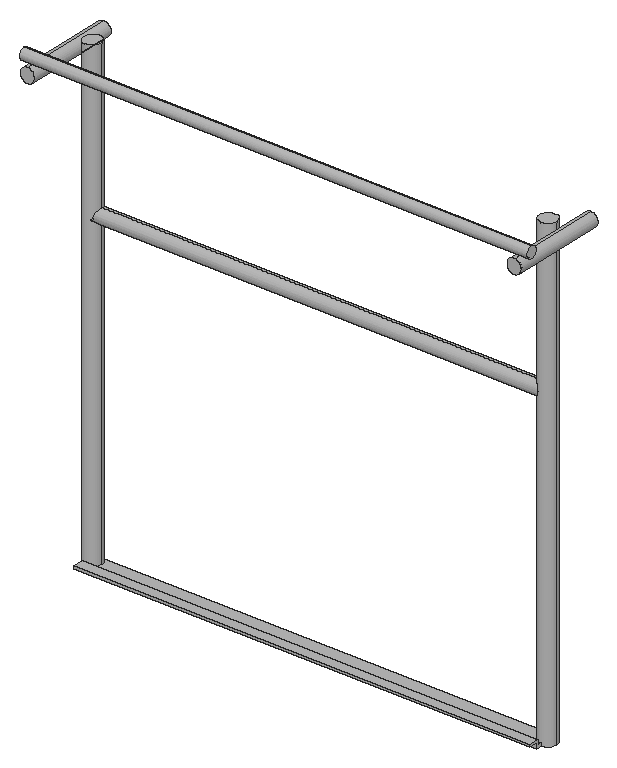
Revit family "WashbasinUnit-Vitra-EqualSeries-64079", category Furniture Systems, host Face, Revit 2017
Family settings
  Host = Face
  Round Connector Dimension = Use Diameter
  Part Type = Normal
  OmniClass Number = 23.40.00.00
  OmniClass Title = Equipment and Furnishings
  Cut with Voids When Loaded = No
  Shared = Yes
  Room Calculation Point = No
Parameters (values of type "WashbasinUnit-40cm-Vitra-EqualSeries_64079")
  Youtube = "https://www.youtube.com/user/VitrAglobal"
  Width = 468 mm
  Weight Net (kg) = "31,200"
  Warranty Period (Year) = "2"
  Uniformat II Description = "FURNISHINGS"
  Uniformat II Code = "E20"
  Uniclass 2015 Name = "Wash basins, sinks and troughs"
  Uniclass 2015 Code = "Pr_40_20_93"
  Uniclass 2.0 Description = "Bathroom Cabinets"
  Uniclass 1.4 Description = "Bathroom Cabinets"
  Uniclass 2.0 Code = "PR-35-75-08"
  Uniclass 1.4 Code = "L8241"
  URL = "https://vitraglobal.com/"
  UNSPSC Description = "Bathroom Cabinets"
  UNSPSC Code = "301815"
  Thrid Material = Vitra-AmericanValnut
  Technical description = "https://www.vitra.com.tr/pdf/64079/"
  Tap hole Options (default) = ""
  Specification = ""
  Secondary Material = Vitra-Crome
  Region South America = "All"
  Region Oceania = "All"
  Region North America = "All"
  Region Middle East = "All"
  Region Europe = "All"
  Region Asia = "All"
  Region Antarctica = "All"
  Region Africa = "All"
  Product group = "Washbasin Unit"
  Product family = "Equal"
  Product data url = "https://www.vitraglobal.com/bathroom-furniture/washbasin-unit/free/equal-washbasin-unit-40-cm-with-towel-holder-sku-64079"
  Product certification = "https://vitraglobal.com/catalogues/quality-certificates"
  Product SKU = "64079"
  Product Guid = ""
  Primary Material = Vitra-Crome
  OmniClass Description = "Bathroom Cabinets"
  OmniClass Code = "23-31 25 13"
  Nominal width = "0.000"
  Nominal height = "0.000"
  NBS Referans Description = "Bathroom Cabinets"
  NBS Referans Code = "35-75-08"
  Model = "64079"
  Masterformat 2014 Description = "Bathroom Unit Modules"
  Masterformat 2014 Code = "13 42 13"
  Manufacturer name = "Vitra"
  Manufacturer = "Vitra"
  Installation instructions = ""
  IFC Classification = "Furniture"
  Height = 88 mm
  Design country = "Turkey"
  Description = "Equal Washbasin Unit, 40 cm, with Towel Holder"
  Depth = 440 mm
  Default Elevation = 580 mm
  Construction Type = "Face Mounted"
  Color = ""
  COBIe Type Category = ""
  BIMobject category = "Bathroom compound units"
  Article No. (default) = "64079"
  Accessories (default) = ""
Types (4, lengths in mm): name | Width | Weight Net (kg) | Technical description | Product data url | Product SKU | Model | Description | Article No. (default)
  (no name) | 468 | "31,200" | "https://www.vitra.com.tr/pdf/64079/" | "https://www.vitraglobal.com/bathroom-furniture/washbasin-unit/free/equal-washbasin-unit-40-cm-with-towel-holder-sku-64079" | "64079" | "64079" | "Equal Washbasin Unit, 40 cm, with Towel Holder" | "64079"
  WashbasinUnit-40cm-Vitra-EqualSeries_64079 | 468 | "31,200" | "https://www.vitra.com.tr/pdf/64079/" | "https://www.vitraglobal.com/bathroom-furniture/washbasin-unit/free/equal-washbasin-unit-40-cm-with-towel-holder-sku-64079" | "64079" | "64079" | "Equal Washbasin Unit, 40 cm, with Towel Holder" | "64079"
  WashbasinUnit-80cm-Vitra-EqualSeries_64083 | 838 | "32" | "https://www.vitraglobal.com/bathroom-furniture/washbasin-unit/free/equal-washbasin-unit-80-cm-with-towel-holder-sku-64083/print" | "https://www.vitraglobal.com/bathroom-furniture/washbasin-unit/free/equal-washbasin-unit-80-cm-with-towel-holder-sku-64083" | "64083" | "64083" | "Equal Washbasin Unit, 80 cm, with Towel Holder" | "64083"
  WashbasinUnit-60cm-Vitra-EqualSeries_64081 | 638 | "24" | "https://www.vitraglobal.com/bathroom-furniture/washbasin-unit/free/equal-washbasin-unit-60-cm-with-towel-holder-sku-64081/print" | "https://www.vitraglobal.com/bathroom-furniture/washbasin-unit/free/equal-washbasin-unit-60-cm-with-towel-holder-sku-64081" | "64081" | "64081" | "Equal Washbasin Unit, 60 cm, with Towel Holder" | "64081"
Reference planes
  plane 1 "Center (Front/Back)": y = 0
  plane 2: z = -0.016
  plane 3 "Center (Left/Right)": x = 0.445
  plane 4: x = -233.925
  plane 5: y = 52.868
  plane 6: y = -35.132
  plane 7: z = 439.984
  plane 8: x = 234.075
  plane 9: x = 224.575
  plane 10: x = -233.925
  plane 11: x = -224.425
  plane 12: x = -209.925
  plane 13: x = -209.925
Forms (mm)
  Extrusion 1, solid, material "Vitra-Crome" <- "Primary Material"
    sketch origin (-35.925, -31.18, 434.187) x (0, 0, -1) y (0, 1, 0)
      loop
        circle (0, 4.048) r 5
    from 270 to -198
  Extrusion 2, solid, material "Vitra-Crome" <- "Primary Material"
    sketch origin (-59.925, 28.368, 1.187) x (0, -1, 0) y (0, 0, -1)
      loop
        line (18, -5.5) -> (28, -5.5) -> (28, -3.5) -> (20, -3.5) -> (20, 1) -> (0, 1) -> (0, -1) -> (18, -1) -> (18, -5.5)
    from 270 to -150
  Extrusion 3, solid, material "Vitra-Crome" <- "Primary Material"
    sketch origin (-102.863, 35.464, 366.187) x (0, 0, 1) y (0, 1, 0)
      loop
        circle (-76, -13.597) r 6.5
    from -313.534 to 105.529
  Extrusion 4, solid, material "Vitra-Crome" <- "Primary Material"
    sketch origin (319.009, 52.868, 422.687) x (1, 0, 0) y (0, 0, -1)
      loop
        circle (-543.434, 0) r 6.5
    from 0 to -88
  Extrusion 5, solid, material "Vitra-Crome" <- "Primary Material"
    sketch origin (-50.991, 52.868, 422.687) x (1, 0, 0) y (0, 0, -1)
      loop
        circle (275.566, 0) r 6.5
    from 0 to -88
  Extrusion 6, solid, material "Vitra-Crome" <- "Primary Material"
    sketch origin (630.047, 14.784, 432.187) x (-1, 0, 0) y (0, -1, 0)
      loop
        circle (420, -7.084) r 8
    from 0 to -432
  Extrusion 7, solid, material "Vitra-Crome" <- "Primary Material"
    sketch origin (378.2, 14.784, 432.187) x (-1, 0, 0) y (0, -1, 0)
      loop
        circle (588, -7.084) r 8
    from 0 to -432
Dimensions and locks
  "Height": plane 5 to plane 6
  "Depth": plane 7 to host face
  locked: plane 8 to plane 9 at 9.5
  locked: Extrusion 3 to plane 8 at 23.403
  locked: Extrusion 2 to plane 8 at 24
  "Width": plane 10 to plane 8
  locked: plane 10 to Extrusion 3 at 25.534
  locked: plane 10 to plane 11 at 9.5
  locked: plane 10 to Extrusion 2 at 24
  locked: plane 10 to plane 12 at 24
  locked: Extrusion 1 to plane 13 at 24
  aligned and locked: plane 2 to host face
  aligned and locked: level to host face
  aligned and locked: plane 8 to Extrusion 1
  aligned and locked: plane 9 to Extrusion 5
  aligned and locked: plane 10 to Extrusion 1
  aligned and locked: plane 11 to Extrusion 4
  aligned and locked: plane 12 to plane 13
Automatic sketch dimensions
  host sketch curve to host sketch curve = 2438.4 mm  (x2)
  Extrusion 1 sketch curve to Extrusion 1 sketch curve = 0 mm  (x2)
  plane 7 to Extrusion 1 sketch curve = 5.797 mm
  plane 6 to Extrusion 1 sketch curve = 8 mm
  plane 7 to Extrusion 1 sketch curve = 0.797 mm
  level to Extrusion 2 sketch curve = 2.187 mm
  Extrusion 2 sketch curve to plane 5 = 24.5 mm
  Extrusion 2 sketch curve to plane 1 "Center (Front/Back)" = 10.368 mm
  Extrusion 2 sketch curve to Extrusion 2 sketch curve = 2 mm  (x2)
  Extrusion 2 sketch curve to plane 1 "Center (Front/Back)" = 0.368 mm
  Extrusion 2 sketch curve to Extrusion 2 sketch curve = 2.5 mm
  level to Extrusion 2 sketch curve = 0.187 mm
  Extrusion 3 sketch curve to Extrusion 3 sketch curve = 0 mm  (x2)
  Extrusion 3 sketch curve to plane 1 "Center (Front/Back)" = 21.868 mm
  plane 7 to Extrusion 3 sketch curve = 149.797 mm
  Extrusion 3 sketch curve to Extrusion 3 sketch curve = 6.5 mm
  Extrusion 4 sketch curve to Extrusion 4 sketch curve = 0 mm  (x2)
  plane 11 to Extrusion 4 sketch curve = 0 mm
  plane 7 to Extrusion 4 sketch curve = 17.297 mm
  Extrusion 4 sketch curve to Extrusion 4 sketch curve = 6.5 mm
  Extrusion 5 sketch curve to Extrusion 5 sketch curve = 0 mm  (x2)
  Extrusion 5 sketch curve to plane 9 = 0 mm
  plane 7 to Extrusion 5 sketch curve = 17.297 mm
  Extrusion 5 sketch curve to Extrusion 5 sketch curve = 6.5 mm
  Extrusion 6 sketch curve to Extrusion 6 sketch curve = 0 mm  (x2)
  Extrusion 6 sketch curve to plane 9 = 14.528 mm
  Extrusion 6 sketch curve to plane 1 "Center (Front/Back)" = 21.868 mm
  Extrusion 6 sketch curve to plane 9 = 6.528 mm
  Extrusion 7 sketch curve to Extrusion 7 sketch curve = 0 mm  (x2)
  Extrusion 7 sketch curve to plane 12 = 0.125 mm
  Extrusion 7 sketch curve to plane 1 "Center (Front/Back)" = 21.868 mm
  Extrusion 7 sketch curve to Extrusion 7 sketch curve = 8 mm
